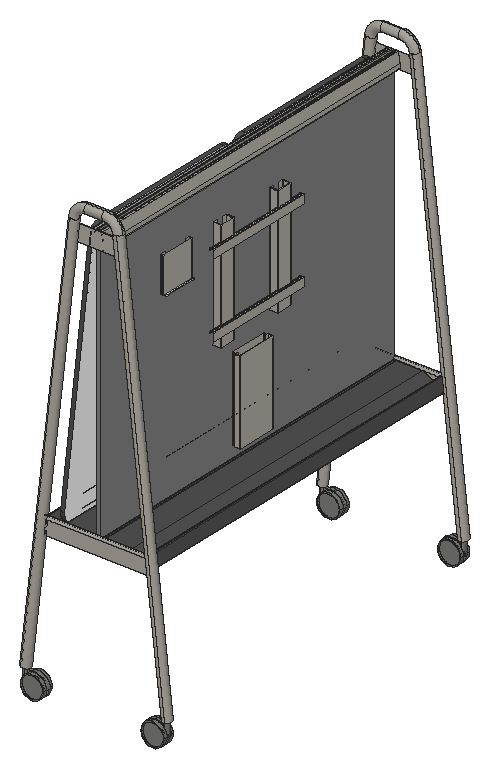
Revit family "Work_Tools_&_Leg_Screens-Teknion-CQCTB_Routes_Tech_Board-R2022", category Furniture, Revit 2022 (continued)
Lines and regions (in)
  symbolic lines, style "FurnitureHiddenLines", detail levels fine
    curve 19: line (-8.55724, -31.92711, 0) -> (-12.48099, -31.92711, 0)
    curve 20: line (-8.55724, -31.36211, 0) -> (-8.55724, -31.92711, 0)
    curve 21: line (-12.48099, -31.92711, 0) -> (-12.48099, -31.52853, 0)
    curve 22: line (-12.48099, -32.97772, 0) -> (-12.48099, -32.57711, 0)
    curve 23: line (-8.55724, -32.57711, 0) -> (-12.48099, -32.57711, 0)
    curve 24: line (-8.55724, -32.57711, 0) -> (-8.55724, -32.99478, 0)
    curve 25: line (-12.60742, -31.96711, 0) -> (-8.44179, -31.96711, 0)
    curve 26: line (-12.60742, -32.53711, 0) -> (-12.60742, -31.96711, 0)
    curve 27: line (-8.44179, -32.53711, 0) -> (-12.60742, -32.53711, 0)
    curve 28: line (-8.44179, -31.96711, 0) -> (-8.44179, -32.53711, 0)
    curve 29: line (8.60079, -31.36211, 0) -> (7.91139, -31.36211, 0)
    curve 30: line (7.91139, -31.92711, 0) -> (11.83514, -31.92711, 0)
    curve 31: line (7.91139, -31.36211, 0) -> (7.91139, -31.92711, 0)
    curve 32: line (11.83514, -31.92711, 0) -> (11.83514, -31.52853, 0)
    curve 33: line (11.83514, -32.97772, 0) -> (11.83514, -32.57711, 0)
    curve 34: line (7.91139, -32.57711, 0) -> (11.83514, -32.57711, 0)
    curve 35: line (7.91139, -32.57711, 0) -> (7.91139, -32.99478, 0)
    curve 36: line (11.96157, -31.96711, 0) -> (7.79594, -31.96711, 0)
    curve 37: line (11.96157, -32.53711, 0) -> (11.96157, -31.96711, 0)
    curve 38: line (7.79594, -32.53711, 0) -> (11.96157, -32.53711, 0)
    curve 39: line (7.79594, -31.96711, 0) -> (7.79594, -32.53711, 0)
    curve 46: line (-9.24664, 29.50349, 0) -> (-8.55724, 29.50349, 0)
    curve 47: line (-8.55724, 30.06849, 0) -> (-12.48099, 30.06849, 0)
    curve 48: line (-8.55724, 29.50349, 0) -> (-8.55724, 30.06849, 0)
    curve 49: line (-12.48099, 30.06849, 0) -> (-12.48099, 29.66992, 0)
    curve 50: line (-12.48099, 31.11911, 0) -> (-12.48099, 30.71849, 0)
    curve 51: line (-8.55724, 30.71849, 0) -> (-12.48099, 30.71849, 0)
    curve 52: line (-8.55724, 30.71849, 0) -> (-8.55724, 31.13617, 0)
    curve 53: line (-12.60742, 30.10849, 0) -> (-8.44179, 30.10849, 0)
    curve 54: line (-12.60742, 30.67849, 0) -> (-12.60742, 30.10849, 0)
    curve 55: line (-8.44179, 30.67849, 0) -> (-12.60742, 30.67849, 0)
    curve 56: line (-8.44179, 30.10849, 0) -> (-8.44179, 30.67849, 0)
    curve 57: line (8.60079, 29.50349, 0) -> (7.91139, 29.50349, 0)
    curve 58: line (7.91139, 30.06849, 0) -> (11.83514, 30.06849, 0)
    curve 59: line (7.91139, 29.50349, 0) -> (7.91139, 30.06849, 0)
    curve 60: line (11.83514, 30.06849, 0) -> (11.83514, 29.66992, 0)
    curve 61: line (11.83514, 31.11911, 0) -> (11.83514, 30.71849, 0)
    curve 62: line (7.91139, 30.71849, 0) -> (11.83514, 30.71849, 0)
    curve 63: line (7.91139, 30.71849, 0) -> (7.91139, 31.13617, 0)
    curve 64: line (11.96157, 30.10849, 0) -> (7.79594, 30.10849, 0)
    curve 65: line (11.96157, 30.67849, 0) -> (11.96157, 30.10849, 0)
    curve 66: line (7.79594, 30.67849, 0) -> (11.96157, 30.67849, 0)
    curve 67: line (7.79594, 30.10849, 0) -> (7.79594, 30.67849, 0)
  symbolic lines, style "FurnitureHiddenLines", detail levels medium+fine
    curve 40: spline (-12.03004, -31.54826, 0) -> (-11.85688, -31.63305, 0) -> (-11.71109, -31.7597, 0) -> (-11.60241, -31.91972, 0) -> (-11.53811, -32.10244, 0) -> (-11.52247, -32.29565, 0) -> (-11.55655, -32.48643, 0) -> (-11.63806, -32.66206, 0) -> (-11.76157, -32.81078, 0) -> (-11.91881, -32.92268, 0) -> (-12.09929, -32.99026, 0) -> (-12.29095, -33.00903, 0) -> (-12.48099, -32.97772, 0)
    curve 41: spline (11.83514, -32.97772, 0) -> (11.6451, -33.00903, 0) -> (11.45344, -32.99026, 0) -> (11.27296, -32.92268, 0) -> (11.11571, -32.81078, 0) -> (10.99221, -32.66206, 0) -> (10.9107, -32.48643, 0) -> (10.87662, -32.29565, 0) -> (10.89226, -32.10244, 0) -> (10.95656, -31.91972, 0) -> (11.06524, -31.7597, 0) -> (11.21103, -31.63305, 0) -> (11.38419, -31.54826, 0)
    curve 42: spline (-3.84049, -31.54826, 0) -> (-4.0314, -31.51084, 0) -> (-4.22543, -31.52445, 0) -> (-4.40935, -31.58814, 0) -> (-4.57062, -31.69757, 0) -> (-4.69826, -31.8453, 0) -> (-4.78357, -32.02125, 0) -> (-4.82074, -32.21343, 0) -> (-4.80723, -32.40875, 0) -> (-4.74396, -32.59389, 0) -> (-4.63524, -32.75624, 0) -> (-4.48849, -32.88473, 0) -> (-4.3137, -32.97061, 0)
    curve 43: spline (-4.3137, -32.97061, 0) -> (-4.12279, -33.00802, 0) -> (-3.92876, -32.99442, 0) -> (-3.74485, -32.93073, 0) -> (-3.58357, -32.82129, 0) -> (-3.45593, -32.67356, 0) -> (-3.37062, -32.49761, 0) -> (-3.33345, -32.30543, 0) -> (-3.34697, -32.11011, 0) -> (-3.41024, -31.92497, 0) -> (-3.51895, -31.76263, 0) -> (-3.6657, -31.63413, 0) -> (-3.84049, -31.54826, 0)
    curve 44: spline (3.19464, -31.54826, 0) -> (3.01985, -31.63413, 0) -> (2.8731, -31.76263, 0) -> (2.76438, -31.92497, 0) -> (2.70111, -32.11011, 0) -> (2.6876, -32.30543, 0) -> (2.72477, -32.49761, 0) -> (2.81008, -32.67356, 0) -> (2.93772, -32.82129, 0) -> (3.099, -32.93073, 0) -> (3.28291, -32.99442, 0) -> (3.47694, -33.00802, 0) -> (3.66785, -32.97061, 0)
    curve 45: spline (3.66785, -32.97061, 0) -> (3.84264, -32.88473, 0) -> (3.98939, -32.75624, 0) -> (4.0981, -32.59389, 0) -> (4.16137, -32.40875, 0) -> (4.17489, -32.21343, 0) -> (4.13772, -32.02125, 0) -> (4.05241, -31.8453, 0) -> (3.92477, -31.69757, 0) -> (3.76349, -31.58814, 0) -> (3.57958, -31.52445, 0) -> (3.38555, -31.51084, 0) -> (3.19464, -31.54826, 0)
    curve 68: spline (-12.03004, 29.68964, 0) -> (-11.85688, 29.77444, 0) -> (-11.71109, 29.90108, 0) -> (-11.60241, 30.06111, 0) -> (-11.53811, 30.24383, 0) -> (-11.52247, 30.43703, 0) -> (-11.55655, 30.62782, 0) -> (-11.63806, 30.80344, 0) -> (-11.76157, 30.95217, 0) -> (-11.91881, 31.06406, 0) -> (-12.09929, 31.13165, 0) -> (-12.29095, 31.15042, 0) -> (-12.48099, 31.11911, 0)
    curve 69: spline (11.83514, 31.11911, 0) -> (11.6451, 31.15042, 0) -> (11.45344, 31.13165, 0) -> (11.27296, 31.06406, 0) -> (11.11571, 30.95217, 0) -> (10.99221, 30.80344, 0) -> (10.9107, 30.62782, 0) -> (10.87662, 30.43703, 0) -> (10.89226, 30.24383, 0) -> (10.95656, 30.06111, 0) -> (11.06524, 29.90108, 0) -> (11.21103, 29.77444, 0) -> (11.38419, 29.68964, 0)
    curve 70: spline (-3.84049, 29.68964, 0) -> (-4.0314, 29.65223, 0) -> (-4.22543, 29.66583, 0) -> (-4.40935, 29.72952, 0) -> (-4.57062, 29.83896, 0) -> (-4.69826, 29.98669, 0) -> (-4.78357, 30.16264, 0) -> (-4.82074, 30.35482, 0) -> (-4.80723, 30.55014, 0) -> (-4.74396, 30.73528, 0) -> (-4.63524, 30.89762, 0) -> (-4.48849, 31.02612, 0) -> (-4.3137, 31.11199, 0)
    curve 71: spline (-4.3137, 31.11199, 0) -> (-4.12279, 31.14941, 0) -> (-3.92876, 31.1358, 0) -> (-3.74485, 31.07211, 0) -> (-3.58357, 30.96268, 0) -> (-3.45593, 30.81495, 0) -> (-3.37062, 30.639, 0) -> (-3.33345, 30.44682, 0) -> (-3.34697, 30.2515, 0) -> (-3.41024, 30.06636, 0) -> (-3.51895, 29.90401, 0) -> (-3.6657, 29.77552, 0) -> (-3.84049, 29.68964, 0)
    curve 72: spline (3.19464, 29.68964, 0) -> (3.01985, 29.77552, 0) -> (2.8731, 29.90401, 0) -> (2.76438, 30.06636, 0) -> (2.70111, 30.2515, 0) -> (2.6876, 30.44682, 0) -> (2.72477, 30.639, 0) -> (2.81008, 30.81495, 0) -> (2.93772, 30.96268, 0) -> (3.099, 31.07211, 0) -> (3.28291, 31.1358, 0) -> (3.47694, 31.14941, 0) -> (3.66785, 31.11199, 0)
    curve 73: spline (3.66785, 31.11199, 0) -> (3.84264, 31.02612, 0) -> (3.98939, 30.89762, 0) -> (4.0981, 30.73528, 0) -> (4.16137, 30.55014, 0) -> (4.17489, 30.35482, 0) -> (4.13772, 30.16264, 0) -> (4.05241, 29.98669, 0) -> (3.92477, 29.83896, 0) -> (3.76349, 29.72952, 0) -> (3.57958, 29.66583, 0) -> (3.38555, 29.65223, 0) -> (3.19464, 29.68964, 0)
    curve 74: line (-9.31799, 30.64349, 0) -> (8.68201, 30.64349, 0)
    curve 75: line (-9.31799, 29.89349, 0) -> (-9.31799, 30.64349, 0)
    curve 76: line (8.68201, 29.89349, 0) -> (-9.31799, 29.89349, 0)
    curve 77: line (8.68201, 30.64349, 0) -> (8.68201, 29.89349, 0)
    curve 78: line (-9.32562, -31.75211, 0) -> (8.67438, -31.75211, 0)
    curve 79: line (-9.32562, -32.50211, 0) -> (-9.32562, -31.75211, 0)
    curve 80: line (8.67438, -32.50211, 0) -> (-9.32562, -32.50211, 0)
    curve 81: line (8.67438, -31.75211, 0) -> (8.67438, -32.50211, 0)
Dimensions and locks (in)
  plane 4 "Left" to plane 5 "Right" = 25.31626"
  plane 6 "Back" to plane 7 "Front" = 64.4256"
  plane 8 "Top" to level = 77.87003"
  equal spacing: plane 7 "Front", plane 1 "Center Front/Back", plane 6 "Back"
  equal spacing: plane 4 "Left", plane 3 "Center Left/Right", plane 5 "Right"
  aligned and locked: level to plane 2
Automatic sketch dimensions
  curve 90 to curve 91 = 0.000"  (x2)
  curve 96 to curve 97 = 0.000"  (x2)
  curve 98 to curve 99 = 0.000"  (x2)
  curve 102 to curve 103 = 0.000"  (x2)
  curve 109 to curve 110 = 0.000"  (x2)
  curve 115 to curve 116 = 0.000"  (x2)
  curve 117 to curve 118 = 0.000"  (x2)
  curve 121 to curve 122 = 0.000"  (x2)
  curve 127 to curve 153 = 0.000"  (x2)
  curve 129 to curve 151 = 0.000"  (x2)
  curve 131 to curve 149 = 0.000"  (x2)
  curve 133 to curve 147 = 0.000"  (x2)
  curve 138 to curve 144 = 0.000"  (x2)
  curve 140 to curve 142 = 0.000"  (x2)
  curve 160 to curve 172 = 0.000"  (x2)
  curve 162 to curve 170 = 0.000"  (x2)
  curve 164 to curve 168 = 0.000"  (x2)
  curve 174 to curve 178 = 0.000"  (x2)
  plane 4 "Left" to curve 53 = 0.37363"
  plane 4 "Left" to curve 26 = 0.37363"
  curve 26 to curve 22 = 0.12643"
  curve 50 to plane 6 "Back" = 0.16438"
  curve 54 to curve 50 = 0.12643"
  curve 25 to curve 21 = 0.12643"
  curve 53 to curve 49 = 0.12643"
  curve 79 to plane 7 "Front" = 1.390"
  curve 19 to curve 79 = 3.15537"
  curve 75 to plane 6 "Back" = 1.390"
  curve 47 to curve 75 = 3.163"
  curve 78 to curve 20 = 0.76838"
  curve 75 to curve 46 = 0.76075"
  curve 23 to curve 19 = 0.000"
  curve 51 to curve 47 = 0.000"
  curve 23 to curve 27 = 0.11545"
  curve 51 to curve 55 = 0.11545"
  curve 5 to plane 6 "Back" = 0.87938"
  curve 5 to plane 3 "Center Left/Right" = 3.76284"
  curve 16 to plane 7 "Front" = 0.87938"
  curve 16 to plane 3 "Center Left/Right" = 3.76284"
  curve 13 to plane 3 "Center Left/Right" = 1.99282"
  curve 82 to plane 3 "Center Left/Right" = 1.99282"
  plane 3 "Center Left/Right" to curve 89 = 0.35838"
  plane 3 "Center Left/Right" to curve 108 = 0.35838"
  plane 3 "Center Left/Right" to curve 176 = 0.39838"
  plane 3 "Center Left/Right" to curve 167 = 0.39838"
  plane 3 "Center Left/Right" to curve 143 = 0.42248"
  plane 3 "Center Left/Right" to curve 101 = 0.43338"
  plane 3 "Center Left/Right" to curve 120 = 0.43338"
  curve 89 to curve 88 = 0.075"
  curve 106 to curve 106 = 0.075"
  curve 168 to curve 165 = 0.036"
  curve 144 to curve 139 = 0.0359"
  curve 88 to curve 85 = 0.030"
  curve 118 to curve 118 = 0.030"
  curve 99 to curve 94 = 0.030"
  curve 110 to curve 110 = 0.030"
  curve 164 to curve 163 = 0.031"
  curve 178 to curve 173 = 0.031"
  curve 138 to curve 144 = 0.031"
  curve 140 to curve 142 = 0.031"
  curve 178 to curve 160 = 0.366"
  curve 164 to curve 170 = 0.366"
  curve 160 to curve 161 = 0.031"
  curve 140 to curve 124 = 0.5581"
  curve 144 to curve 146 = 0.5581"
  curve 141 to curve 123 = 0.000"
  curve 136 to curve 145 = 0.000"
  curve 124 to curve 126 = 0.036"
  curve 133 to curve 147 = 0.031"
  curve 127 to curve 152 = 0.031"
  curve 172 to curve 180 = 0.250"
  curve 170 to curve 182 = 0.250"
  curve 182 to curve 181 = 0.250"
  plane 3 "Center Left/Right" to curve 157 = 1.6549"
  curve 110 to curve 122 = 1.290"
  curve 98 to curve 97 = 1.290"
  curve 117 to curve 114 = 1.290"
  curve 91 to curve 102 = 1.290"
  curve 102 to curve 92 = 0.030"
  curve 121 to curve 111 = 0.030"
  curve 147 to curve 148 = 0.741"
  curve 127 to curve 151 = 0.7439"
  curve 131 to curve 130 = 0.031"
  curve 155 to curve 158 = 0.70348"
  curve 17 to plane 7 "Front" = 0.87938"
  plane 3 "Center Left/Right" to curve 17 = 3.76284"
  curve 6 to plane 6 "Back" = 0.87938"
  plane 3 "Center Left/Right" to curve 6 = 3.76284"
  curve 67 to plane 6 "Back" = 0.605"
  curve 6 to curve 67 = 4.35602"
  curve 39 to plane 7 "Front" = 1.175"
  curve 17 to curve 39 = 4.35602"
  curve 64 to curve 59 = 0.11545"
  curve 66 to curve 62 = 0.11545"
  curve 38 to curve 35 = 0.11545"
  curve 36 to curve 31 = 0.11545"
  curve 34 to curve 81 = 0.763"
  curve 62 to curve 74 = 0.77063"
  curve 33 to plane 7 "Front" = 0.16438"
  plane 5 "Right" to curve 33 = 0.50006"
  plane 5 "Right" to curve 32 = 0.50006"
  plane 5 "Right" to curve 62 = 0.50006"
  plane 5 "Right" to curve 58 = 0.50006"
  curve 61 to curve 65 = 0.12643"
  curve 30 to curve 36 = 0.12643"
  curve 22 to plane 7 "Front" = 0.16438"
  curve 23 to plane 7 "Front" = 0.565"
  curve 35 to plane 7 "Front" = 0.565"
  curve 22 to curve 27 = 0.040"
  curve 33 to curve 38 = 0.040"
  curve 80 to plane 7 "Front" = 0.640"
  curve 26 to curve 26 = 0.570"
  curve 25 to curve 20 = 0.040"
  curve 36 to curve 31 = 0.040"
  curve 30 to curve 31 = 0.565"
  curve 19 to curve 20 = 0.565"
  curve 16 to curve 82 = 3.05615"
  curve 82 to curve 169 = 9.98467"
  curve 170 to curve 183 = 0.033"
  curve 164 to curve 165 = 0.683"
  curve 165 to curve 177 = 4.500"
  curve 176 to curve 180 = 0.400"
  curve 179 to curve 174 = 0.033"
  curve 180 to curve 157 = 2.975"
  curve 156 to curve 114 = 2.125"
  curve 118 to curve 119 = 0.645"
  curve 119 to curve 106 = 1.400"
  curve 106 to curve 109 = 0.495"
  curve 121 to curve 148 = 1.125"
  curve 146 to curve 146 = 0.1205"
  curve 136 to curve 136 = 0.2766"
  curve 143 to curve 82 = 0.38593"
  curve 13 to plane 1 "Center Front/Back" = 1.77795"
  curve 124 to plane 1 "Center Front/Back" = 3.0824"
  curve 124 to curve 140 = 0.2456"
  curve 141 to curve 154 = 0.1205"
  curve 152 to curve 95 = 1.125"
  curve 99 to curve 101 = 0.495"
  curve 100 to curve 87 = 1.400"
  curve 87 to curve 93 = 0.645"
  curve 102 to curve 158 = 2.125"
  curve 13 to curve 5 = 4.05547"
  curve 59 to curve 76 = 0.390"
  curve 48 to curve 75 = 0.390"
  curve 47 to curve 68 = 1.05062"
  curve 60 to curve 65 = 0.610"
  curve 58 to curve 64 = 0.040"
  curve 47 to curve 56 = 0.040"
  curve 77 to plane 6 "Back" = 0.640"
  curve 53 to curve 56 = 0.570"
  curve 66 to curve 62 = 0.040"
  curve 55 to curve 52 = 0.040"
  curve 61 to plane 6 "Back" = 0.16438"
  curve 22 to curve 40 = 0.21434"
  curve 49 to curve 68 = 0.21434"
  curve 68 to curve 68 = 0.23661"
  curve 40 to curve 40 = 0.23661"
  curve 75 to curve 46 = 0.07135"
  curve 78 to curve 18 = 0.07898"
  curve 7 to curve 5 = 1.67871"
  curve 42 to curve 16 = 0.22793"
  curve 70 to curve 5 = 0.22793"
  curve 16 to curve 42 = 0.00867"
  curve 5 to curve 70 = 0.00867"
  curve 43 to curve 42 = 0.000"  (x2)
  curve 71 to curve 70 = 0.000"  (x2)
  curve 70 to curve 71 = 0.23661"
  curve 42 to curve 42 = 0.23661"
  plane 1 "Center Front/Back" to curve 15 = 0.22205"
  curve 15 to curve 15 = 0.21396"
  curve 83 to curve 82 = 0.21396"
  curve 14 to curve 13 = 0.21396"
  curve 42 to curve 84 = 1.31078"
  curve 84 to curve 10 = 1.0611"
  curve 11 to plane 3 "Center Left/Right" = 0.29642"
  plane 3 "Center Left/Right" to curve 12 = 0.30004"
  curve 120 to curve 119 = 0.075"
  curve 101 to curve 100 = 0.075"
  curve 12 to curve 9 = 0.84788"
  curve 72 to curve 6 = 0.24528"
  curve 45 to curve 17 = 0.24528"
  curve 45 to curve 17 = 0.00867"
  curve 72 to curve 6 = 0.00867"
  curve 73 to curve 72 = 0.000"
  curve 44 to curve 45 = 0.000"  (x2)
  curve 6 to curve 72 = 0.22793"
  curve 17 to curve 44 = 0.22793"
  curve 17 to curve 8 = 1.68096"
  curve 29 to curve 78 = 0.0736"
  curve 57 to curve 76 = 0.08123"
  curve 69 to curve 60 = 0.45095"
  curve 41 to curve 32 = 0.45095"
  curve 69 to plane 6 "Back" = 0.13268"
  curve 69 to curve 69 = 0.21434"
  curve 41 to curve 33 = 0.21434"
  curve 24 to plane 7 "Front" = 0.14732"
  curve 35 to plane 7 "Front" = 0.14732"
  curve 45 to plane 7 "Front" = 0.13268"
  curve 41 to plane 7 "Front" = 0.13268"
  curve 16 to plane 7 "Front" = 0.12938"
  curve 17 to curve 44 = 0.00329"  (x2)
  curve 45 to plane 7 "Front" = 0.1715"
  curve 42 to plane 7 "Front" = 0.1715"
  curve 16 to curve 42 = 0.00329"  (x2)
  curve 22 to curve 40 = 0.31768"
  curve 33 to curve 41 = 0.31768"
  curve 19 to curve 40 = 0.37885"
  curve 21 to curve 40 = 0.0191"
  curve 30 to curve 32 = 0.39857"
  curve 8 to plane 7 "Front" = 1.64491"
  curve 10 to plane 7 "Front" = 1.64783"
  curve 10 to curve 11 = 0.000"
  curve 11 to curve 9 = 0.000"
  curve 11 to curve 12 = 0.000"  (x2)
  curve 7 to plane 7 "Front" = 1.65013"
  curve 10 to curve 84 = 0.28769"
  curve 83 to curve 83 = 2.000"
  curve 14 to curve 14 = 2.000"
  curve 9 to plane 6 "Back" = 1.64565"
  curve 8 to plane 6 "Back" = 1.64565"
  curve 10 to plane 6 "Back" = 1.64565"
  curve 12 to curve 9 = 0.000"
  curve 7 to plane 6 "Back" = 1.64565"
  curve 70 to curve 5 = 0.75329"
  curve 68 to curve 47 = 0.41768"
  curve 6 to curve 6 = 0.750"
  curve 71 to curve 5 = 0.00329"
  curve 60 to curve 58 = 0.39857"
  curve 68 to curve 49 = 0.0191"
  curve 6 to curve 73 = 0.03553"
  curve 70 to curve 70 = 0.03882"
  curve 68 to curve 68 = 0.03882"
  curve 60 to curve 69 = 0.01972"
  curve 73 to curve 6 = 0.00329"  (x2)
  curve 70 to curve 5 = 0.00329"
  curve 63 to plane 6 "Back" = 0.14732"
  curve 52 to plane 6 "Back" = 0.14732"
  curve 72 to curve 73 = 0.000"
  Sweep 1 sketch curve to profile plane = 0.21556"
  profile plane to Sweep 1 sketch curve = 0.72648"
  Sweep 2 sketch curve to plane 3 "Center Left/Right" = 1.49859"
  plane 3 "Center Left/Right" to Sweep 2 sketch curve = 1.49859"
  Sweep 2 sketch curve to plane 8 "Top" = 3.02155"
  Sweep 2 sketch curve to Sweep 2 sketch curve = 0.000"
  Sweep 2 sketch curve to plane 8 "Top" = 0.78205"
  Sweep 2 sketch curve to Sweep 2 sketch curve = 2.22204"  (x2)
  Sweep 2 sketch curve to profile plane = 0.03405"
  profile plane to Sweep 2 sketch curve = 31.31253"
  Sweep 3 sketch curve to profile plane = 0.21556"
  Sweep 3 sketch curve to profile plane = 0.72648"
  Sweep 4 sketch curve to plane 7 "Front" = 0.8153"
  Sweep 4 sketch curve to plane 7 "Front" = 0.890"
  Sweep 4 sketch curve to plane 8 "Top" = 4.71972"
  profile plane to Sweep 4 sketch curve = 1.53017"
  Sweep 4 sketch curve to profile plane = 1.21983"
  Sweep 4 sketch curve to profile plane = 3.37907"
  Sweep 4 sketch curve to Sweep 4 sketch curve = 0.3177"  (x2)
  profile plane to Sweep 4 sketch curve = 3.06362"
  Sweep 5 sketch curve to plane 7 "Front" = 1.215"
  plane 4 "Left" to Sweep 5 sketch curve = 2.46585"
  Sweep 5 sketch curve to Sweep 5 sketch curve = 0.565"
  Sweep 5 sketch curve to profile plane = 0.00391"
  profile plane to Sweep 5 sketch curve = 1.14732"
  Sweep 6 sketch curve to plane 7 "Front" = 0.605"
  Sweep 6 sketch curve to plane 7 "Front" = 1.175"
  plane 4 "Left" to Sweep 6 sketch curve = 2.83301"
  Sweep 6 sketch curve to Sweep 6 sketch curve = 0.000"  (x2)
  profile plane to Sweep 6 sketch curve = 0.31879"
  profile plane to Sweep 6 sketch curve = 1.70625"
  Sweep 6 sketch curve to Sweep 6 sketch curve = 0.11544"
  Sweep 6 sketch curve to profile plane = 0.37106"
  Sweep 6 sketch curve to Sweep 6 sketch curve = 0.0055"
  Sweep 6 sketch curve to profile plane = 0.86576"
  Sweep 6 sketch curve to Sweep 6 sketch curve = 0.93965"
  Sweep 6 sketch curve to Sweep 6 sketch curve = 0.12643"
  plane 4 "Left" to Sweep 7 sketch curve = 0.77782"
  level to Sweep 7 sketch curve = 1.9534"
  Sweep 7 sketch curve to Sweep 7 sketch curve = 2.32162"
  Sweep 7 sketch curve to profile plane = 0.00179"
  Sweep 7 sketch curve to profile plane = 10.50525"
  plane 7 "Front" to Sweep 8 sketch curve = 0.000"
  plane 4 "Left" to Sweep 8 sketch curve = 2.45803"
  Sweep 8 sketch curve to plane 7 "Front" = 0.565"
  Sweep 8 sketch curve to profile plane = 0.00391"
  profile plane to Sweep 8 sketch curve = 1.14732"
  plane 7 "Front" to Sweep 9 sketch curve = 0.000"
  plane 4 "Left" to Sweep 9 sketch curve = 2.48906"
  Sweep 9 sketch curve to plane 7 "Front" = 0.175"
  profile plane to Sweep 9 sketch curve = 0.03901"
  profile plane to Sweep 9 sketch curve = 1.14732"
  Sweep 10 sketch curve to plane 7 "Front" = 1.605"
  plane 4 "Left" to Sweep 10 sketch curve = 2.48906"
  Sweep 10 sketch curve to Sweep 10 sketch curve = 0.175"
  Sweep 10 sketch curve to profile plane = 0.03901"
  profile plane to Sweep 10 sketch curve = 1.14732"
  Sweep 11 sketch curve to plane 7 "Front" = 1.215"
  plane 5 "Right" to Sweep 11 sketch curve = 2.46585"
  Sweep 11 sketch curve to Sweep 11 sketch curve = 0.565"
  profile plane to Sweep 11 sketch curve = 0.00391"
  profile plane to Sweep 11 sketch curve = 1.14732"
  plane 5 "Right" to Sweep 12 sketch curve = 0.77782"
  level to Sweep 12 sketch curve = 4.27503"
  level to Sweep 12 sketch curve = 1.9534"
  profile plane to Sweep 12 sketch curve = 0.00179"
  Sweep 12 sketch curve to profile plane = 10.50525"
  plane 7 "Front" to Sweep 13 sketch curve = 0.000"
  plane 5 "Right" to Sweep 13 sketch curve = 2.45803"
  Sweep 13 sketch curve to plane 7 "Front" = 0.565"
  profile plane to Sweep 13 sketch curve = 0.00391"
  profile plane to Sweep 13 sketch curve = 1.14732"
  plane 7 "Front" to Sweep 14 sketch curve = 0.000"
  plane 5 "Right" to Sweep 14 sketch curve = 2.48906"
  Sweep 14 sketch curve to plane 7 "Front" = 0.175"
  Sweep 14 sketch curve to profile plane = 0.03901"
  profile plane to Sweep 14 sketch curve = 1.14732"
  Sweep 15 sketch curve to plane 7 "Front" = 1.605"
  plane 5 "Right" to Sweep 15 sketch curve = 2.48906"
  Sweep 15 sketch curve to Sweep 15 sketch curve = 0.175"
  profile plane to Sweep 15 sketch curve = 0.03901"
  profile plane to Sweep 15 sketch curve = 1.14732"
  Sweep 16 sketch curve to profile plane = 0.21556"
  profile plane to Sweep 16 sketch curve = 0.72648"
  Sweep 17 sketch curve to plane 3 "Center Left/Right" = 1.49859"
  plane 3 "Center Left/Right" to Sweep 17 sketch curve = 1.49859"
  Sweep 17 sketch curve to plane 8 "Top" = 3.02155"
  Sweep 17 sketch curve to Sweep 17 sketch curve = 0.000"
  Sweep 17 sketch curve to plane 8 "Top" = 0.78205"
  Sweep 17 sketch curve to Sweep 17 sketch curve = 2.22204"  (x2)
  Sweep 17 sketch curve to profile plane = 0.03405"
  profile plane to Sweep 17 sketch curve = 31.31253"
  Sweep 18 sketch curve to profile plane = 0.21556"
  Sweep 18 sketch curve to profile plane = 0.72648"
  Sweep 19 sketch curve to plane 6 "Back" = 0.9647"
  Sweep 19 sketch curve to plane 6 "Back" = 0.890"
  Sweep 19 sketch curve to plane 8 "Top" = 4.71972"
  profile plane to Sweep 19 sketch curve = 1.53017"
  Sweep 19 sketch curve to profile plane = 1.21983"
  Sweep 19 sketch curve to profile plane = 3.37907"
  Sweep 19 sketch curve to Sweep 19 sketch curve = 0.3177"  (x2)
  profile plane to Sweep 19 sketch curve = 3.06362"
  Sweep 20 sketch curve to plane 7 "Front" = 0.605"
  Sweep 20 sketch curve to plane 7 "Front" = 1.175"
  plane 5 "Right" to Sweep 20 sketch curve = 2.83301"
  Sweep 20 sketch curve to Sweep 20 sketch curve = 0.000"  (x2)
  profile plane to Sweep 20 sketch curve = 0.31879"
  profile plane to Sweep 20 sketch curve = 2.45938"
  Sweep 20 sketch curve to Sweep 20 sketch curve = 0.12643"
  Sweep 20 sketch curve to Sweep 20 sketch curve = 0.52753"
  profile plane to Sweep 20 sketch curve = 0.86576"
  profile plane to Sweep 20 sketch curve = 0.37656"
  Sweep 20 sketch curve to Sweep 20 sketch curve = 0.0055"
  Sweep 20 sketch curve to Sweep 20 sketch curve = 0.11544"
  Sweep 21 sketch curve to plane 6 "Back" = 0.000"
  plane 4 "Left" to Sweep 21 sketch curve = 2.46585"
  Sweep 21 sketch curve to plane 6 "Back" = 0.565"
  Sweep 21 sketch curve to profile plane = 0.00391"
  profile plane to Sweep 21 sketch curve = 1.14732"
  Sweep 22 sketch curve to plane 6 "Back" = 1.175"
  Sweep 22 sketch curve to plane 6 "Back" = 0.605"
  plane 4 "Left" to Sweep 22 sketch curve = 2.83301"
  Sweep 22 sketch curve to Sweep 22 sketch curve = 0.000"  (x2)
  profile plane to Sweep 22 sketch curve = 0.31879"
  profile plane to Sweep 22 sketch curve = 1.70625"
  Sweep 22 sketch curve to Sweep 22 sketch curve = 0.11544"
  Sweep 22 sketch curve to profile plane = 0.37106"
  Sweep 22 sketch curve to Sweep 22 sketch curve = 0.0055"
  Sweep 22 sketch curve to profile plane = 0.86576"
  Sweep 22 sketch curve to Sweep 22 sketch curve = 0.93965"
  Sweep 22 sketch curve to Sweep 22 sketch curve = 0.12643"
  plane 4 "Left" to Sweep 23 sketch curve = 0.77782"
  level to Sweep 23 sketch curve = 1.9534"
  Sweep 23 sketch curve to Sweep 23 sketch curve = 2.32162"
  Sweep 23 sketch curve to profile plane = 0.00179"
  Sweep 23 sketch curve to profile plane = 10.50525"
  Sweep 24 sketch curve to plane 6 "Back" = 1.215"
  plane 4 "Left" to Sweep 24 sketch curve = 2.45803"
  Sweep 24 sketch curve to Sweep 24 sketch curve = 0.565"
  Sweep 24 sketch curve to profile plane = 0.00391"
  profile plane to Sweep 24 sketch curve = 1.14732"
  Sweep 25 sketch curve to plane 6 "Back" = 1.605"
  plane 4 "Left" to Sweep 25 sketch curve = 2.48906"
  Sweep 25 sketch curve to Sweep 25 sketch curve = 0.175"
  profile plane to Sweep 25 sketch curve = 0.03901"
  profile plane to Sweep 25 sketch curve = 1.14732"
  Sweep 26 sketch curve to plane 6 "Back" = 0.000"
  plane 4 "Left" to Sweep 26 sketch curve = 2.48906"
  Sweep 26 sketch curve to Sweep 26 sketch curve = 0.175"
  Sweep 26 sketch curve to profile plane = 0.03901"
  profile plane to Sweep 26 sketch curve = 1.14732"
  Sweep 27 sketch curve to plane 6 "Back" = 0.000"
  plane 5 "Right" to Sweep 27 sketch curve = 2.46585"
  Sweep 27 sketch curve to plane 6 "Back" = 0.565"
  profile plane to Sweep 27 sketch curve = 0.00391"
  profile plane to Sweep 27 sketch curve = 1.14732"
  plane 5 "Right" to Sweep 28 sketch curve = 0.77782"
  level to Sweep 28 sketch curve = 4.27503"
  level to Sweep 28 sketch curve = 1.9534"
  profile plane to Sweep 28 sketch curve = 0.00179"
  Sweep 28 sketch curve to profile plane = 10.50525"
  Sweep 29 sketch curve to plane 6 "Back" = 1.215"
  plane 5 "Right" to Sweep 29 sketch curve = 2.45803"
  Sweep 29 sketch curve to Sweep 29 sketch curve = 0.565"
  profile plane to Sweep 29 sketch curve = 0.00391"
  profile plane to Sweep 29 sketch curve = 1.14732"
  Sweep 30 sketch curve to plane 6 "Back" = 1.605"
  plane 5 "Right" to Sweep 30 sketch curve = 2.48906"
  Sweep 30 sketch curve to Sweep 30 sketch curve = 0.175"
  Sweep 30 sketch curve to profile plane = 0.03901"
  profile plane to Sweep 30 sketch curve = 1.14732"
  Sweep 31 sketch curve to plane 6 "Back" = 0.000"
  plane 5 "Right" to Sweep 31 sketch curve = 2.48906"
  Sweep 31 sketch curve to Sweep 31 sketch curve = 0.175"
  profile plane to Sweep 31 sketch curve = 0.03901"
  profile plane to Sweep 31 sketch curve = 1.14732"
  Sweep 32 sketch curve to plane 6 "Back" = 1.175"
  Sweep 32 sketch curve to plane 6 "Back" = 0.605"
  plane 5 "Right" to Sweep 32 sketch curve = 2.83301"
  Sweep 32 sketch curve to Sweep 32 sketch curve = 0.000"  (x2)
  profile plane to Sweep 32 sketch curve = 0.31879"
  profile plane to Sweep 32 sketch curve = 2.45938"
  Sweep 32 sketch curve to Sweep 32 sketch curve = 0.12643"
  Sweep 32 sketch curve to Sweep 32 sketch curve = 0.52753"
  profile plane to Sweep 32 sketch curve = 0.86576"
  profile plane to Sweep 32 sketch curve = 0.37656"
  Sweep 32 sketch curve to Sweep 32 sketch curve = 0.0055"
  Sweep 32 sketch curve to Sweep 32 sketch curve = 0.11544"
  Sweep 33 sketch curve to plane 3 "Center Left/Right" = 0.000"
  Sweep 33 sketch curve to plane 7 "Front" = 1.390"
  Sweep 33 sketch curve to plane 6 "Back" = 1.390"
  Sweep 33 sketch curve to Sweep 33 sketch curve = 0.000"  (x13)
  profile plane to Sweep 33 sketch curve = 8.92367"
  Sweep 33 sketch curve to Sweep 33 sketch curve = 0.04952"  (x4)
  Sweep 33 sketch curve to Sweep 33 sketch curve = 0.04315"
  Sweep 33 sketch curve to Sweep 33 sketch curve = 0.05148"  (x2)
  Sweep 33 sketch curve to Sweep 33 sketch curve = 0.13784"
  Sweep 33 sketch curve to Sweep 33 sketch curve = 0.04756"  (x2)
  Sweep 33 sketch curve to Sweep 33 sketch curve = 0.0995"  (x2)
  Sweep 33 sketch curve to Sweep 33 sketch curve = 0.0932"  (x2)
  Sweep 33 sketch curve to Sweep 33 sketch curve = 0.04455"  (x4)
  Sweep 33 sketch curve to Sweep 33 sketch curve = 0.76785"  (x2)
  Sweep 33 sketch curve to Sweep 33 sketch curve = 0.3756"  (x2)
  Sweep 33 sketch curve to Sweep 33 sketch curve = 0.19478"  (x2)
  Sweep 33 sketch curve to Sweep 33 sketch curve = 0.0231"  (x2)
  Sweep 33 sketch curve to Sweep 33 sketch curve = 1.94287"
  Sweep 33 sketch curve to Sweep 33 sketch curve = 0.01232"  (x2)
  profile plane to Sweep 33 sketch curve = 0.92388"
  Sweep 33 sketch curve to Sweep 33 sketch curve = 0.3953"  (x2)
  Sweep 33 sketch curve to Sweep 33 sketch curve = 0.030"  (x4)
  Sweep 33 sketch curve to Sweep 33 sketch curve = 0.1047"
  Sweep 33 sketch curve to profile plane = 0.39612"
  Sweep 33 sketch curve to Sweep 33 sketch curve = 4.51768"
  Sweep 33 sketch curve to Sweep 33 sketch curve = 1.93209"
  Sweep 33 sketch curve to Sweep 33 sketch curve = 0.44124"
  Sweep 33 sketch curve to Sweep 33 sketch curve = 0.04511"
  level to Sweep 33 sketch curve = 25.65691"
  Sweep 33 sketch curve to Sweep 33 sketch curve = 0.00499"  (x2)
  Sweep 33 sketch curve to Sweep 33 sketch curve = 0.44797"  (x2)
  Sweep 33 sketch curve to Sweep 33 sketch curve = 0.50667"  (x2)
  Sweep 33 sketch curve to Sweep 33 sketch curve = 0.03979"
  Sweep 33 sketch curve to Sweep 33 sketch curve = 0.04185"  (x2)
  Sweep 33 sketch curve to Sweep 33 sketch curve = 0.18942"  (x2)
  Sweep 33 sketch curve to Sweep 33 sketch curve = 0.8175"  (x2)
  Sweep 33 sketch curve to Sweep 33 sketch curve = 0.0747"
  Sweep 33 sketch curve to Sweep 33 sketch curve = 1.06669"
  Sweep 33 sketch curve to Sweep 33 sketch curve = 0.0478"  (x2)
  Sweep 33 sketch curve to Sweep 33 sketch curve = 0.01002"  (x2)
  Sweep 33 sketch curve to Sweep 33 sketch curve = 0.00479"  (x2)
  Sweep 34 sketch curve to plane 6 "Back" = 0.7147"
  plane 4 "Left" to Sweep 34 sketch curve = 3.66307"
  plane 5 "Right" to Sweep 34 sketch curve = 3.65319"
  Sweep 34 sketch curve to Sweep 34 sketch curve = 0.000"  (x3)
  Sweep 34 sketch curve to profile plane = 0.000"
  profile plane to Sweep 34 sketch curve = 0.3003"
  Sweep 34 sketch curve to Sweep 34 sketch curve = 0.0747"
  level to Sweep 34 sketch curve = 25.35509"
  Sweep 34 sketch curve to Sweep 34 sketch curve = 2.375"
  Sweep 35 sketch curve to plane 7 "Front" = 1.3153"
  plane 4 "Left" to Sweep 35 sketch curve = 3.65544"
  plane 5 "Right" to Sweep 35 sketch curve = 3.66082"
  Sweep 35 sketch curve to Sweep 35 sketch curve = 0.000"  (x3)
  Sweep 35 sketch curve to profile plane = 0.000"
  profile plane to Sweep 35 sketch curve = 0.3003"
  Sweep 35 sketch curve to Sweep 35 sketch curve = 0.0747"
  level to Sweep 35 sketch curve = 25.35509"
  Sweep 35 sketch curve to Sweep 35 sketch curve = 2.375"
  plane 1 "Center Front/Back" to Sweep 36 sketch curve = 0.000"
  Sweep 36 sketch curve to plane 3 "Center Left/Right" = 0.35762"
  plane 3 "Center Left/Right" to Sweep 36 sketch curve = 0.35762"
  profile plane to Sweep 36 sketch curve = 30.94227"
  Sweep 36 sketch curve to profile plane = 30.77747"
  level to Sweep 36 sketch curve = 26.76541"
  Sweep 36 sketch curve to Sweep 36 sketch curve = 47.46704"
  Sweep 37 sketch curve to plane 3 "Center Left/Right" = 0.000"
  Sweep 37 sketch curve to plane 7 "Front" = 0.890"
  Sweep 37 sketch curve to plane 6 "Back" = 0.9647"
  Sweep 37 sketch curve to Sweep 37 sketch curve = 0.000"  (x16)
  profile plane to Sweep 37 sketch curve = 1.14568"
  Sweep 37 sketch curve to Sweep 37 sketch curve = 0.0478"  (x3)
  Sweep 37 sketch curve to Sweep 37 sketch curve = 0.030"  (x7)
  profile plane to Sweep 37 sketch curve = 0.92919"
  Sweep 37 sketch curve to Sweep 37 sketch curve = 0.04743"
  Sweep 37 sketch curve to Sweep 37 sketch curve = 0.02977"
  profile plane to Sweep 37 sketch curve = 0.37348"
  profile plane to Sweep 37 sketch curve = 0.35788"
  Sweep 37 sketch curve to profile plane = 0.26792"
  Sweep 37 sketch curve to profile plane = 0.36012"
  Sweep 37 sketch curve to Sweep 37 sketch curve = 0.47852"
  Sweep 37 sketch curve to Sweep 37 sketch curve = 0.03027"
  Sweep 37 sketch curve to Sweep 37 sketch curve = 0.04693"
  Sweep 37 sketch curve to Sweep 37 sketch curve = 0.710"
  level to Sweep 37 sketch curve = 71.68524"
  Sweep 37 sketch curve to Sweep 37 sketch curve = 0.74422"  (x2)
  Sweep 37 sketch curve to Sweep 37 sketch curve = 0.00298"  (x2)
  Sweep 37 sketch curve to Sweep 37 sketch curve = 1.44268"
  Sweep 37 sketch curve to Sweep 37 sketch curve = 0.20443"
  Sweep 37 sketch curve to Sweep 37 sketch curve = 0.2047"
  Sweep 37 sketch curve to Sweep 37 sketch curve = 0.00027"
  Sweep 38 sketch curve to plane 4 "Left" = 6.29263"
  Sweep 38 sketch curve to level = 26.87481"
  Sweep 38 sketch curve to Sweep 38 sketch curve = 0.70891"
  Sweep 38 sketch curve to Sweep 38 sketch curve = 0.07628"
  Sweep 38 sketch curve to profile plane = 0.000"
  profile plane to Sweep 38 sketch curve = 2.000"  (x2)
  plane 1 "Center Front/Back" to Sweep 38 sketch curve = 0.22205"
  Sweep 38 sketch curve to plane 1 "Center Front/Back" = 1.77795"
  Sweep 38 sketch curve to Sweep 38 sketch curve = 43.500"
  Sweep 38 sketch curve to Sweep 38 sketch curve = 2.000"
  Sweep 38 sketch curve to Sweep 38 sketch curve = 25.500"
  plane 4 "Left" to Masking region 1 sketch curve = 0.66465"
  Masking region 1 sketch curve to plane 6 "Back" = 0.14732"
  plane 4 "Left" to Masking region 1 sketch curve = 0.71441"
  plane 5 "Right" to Masking region 1 sketch curve = 0.71441"
  Masking region 1 sketch curve to Masking region 1 sketch curve = 0.04975"
  Masking region 1 sketch curve to Masking region 1 sketch curve = 1.49833"
  Masking region 1 sketch curve to Masking region 1 sketch curve = 0.74833"  (x2)
  Masking region 2 sketch curve to plane 6 "Back" = 0.000"
  plane 4 "Left" to Masking region 2 sketch curve = 0.50006"  (x2)
  Masking region 2 sketch curve to Masking region 2 sketch curve = 0.18622"  (x2)
  plane 4 "Left" to Masking region 2 sketch curve = 0.71961"
  Masking region 2 sketch curve to Masking region 2 sketch curve = 0.000"
  Masking region 2 sketch curve to Masking region 2 sketch curve = 3.04813"
  Masking region 2 sketch curve to Masking region 2 sketch curve = 0.6894"
  Masking region 2 sketch curve to plane 6 "Back" = 0.14732"
  Masking region 2 sketch curve to Masking region 2 sketch curve = 0.1794"
  Masking region 2 sketch curve to Masking region 2 sketch curve = 0.00177"
  Masking region 2 sketch curve to Masking region 2 sketch curve = 0.7162"
  Masking region 2 sketch curve to Masking region 2 sketch curve = 0.13435"
  Masking region 3 sketch curve to plane 6 "Back" = 0.000"
  Masking region 3 sketch curve to plane 6 "Back" = 0.14732"
  Masking region 3 sketch curve to plane 6 "Back" = 0.1794"
  Masking region 3 sketch curve to Masking region 3 sketch curve = 0.74828"
  Masking region 3 sketch curve to Masking region 3 sketch curve = 0.00177"
  plane 5 "Right" to Masking region 3 sketch curve = 0.50006"  (x2)
  Masking region 3 sketch curve to Masking region 3 sketch curve = 0.7162"
  Masking region 3 sketch curve to plane 6 "Back" = 1.64565"
  Masking region 3 sketch curve to Masking region 3 sketch curve = 0.13435"
  Masking region 3 sketch curve to Masking region 3 sketch curve = 0.18622"  (x2)
  Masking region 3 sketch curve to Masking region 3 sketch curve = 3.04813"
  Masking region 3 sketch curve to Masking region 3 sketch curve = 0.6894"
  Masking region 4 sketch curve to plane 7 "Front" = 1.63265"
  plane 4 "Left" to Masking region 4 sketch curve = 3.73442"
  plane 5 "Right" to Masking region 4 sketch curve = 3.73171"
  Masking region 4 sketch curve to plane 6 "Back" = 1.64565"
  plane 4 "Left" to Masking region 5 sketch curve = 5.58373"
  Masking region 5 sketch curve to Masking region 5 sketch curve = 0.21396"  (x3)
  plane 1 "Center Front/Back" to Masking region 5 sketch curve = 0.22205"
  Masking region 5 sketch curve to plane 3 "Center Left/Right" = 1.49787"  (x2)
  Masking region 5 sketch curve to plane 1 "Center Front/Back" = 1.77795"  (x2)
  Masking region 5 sketch curve to plane 6 "Back" = 4.93485"  (x2)
  Masking region 5 sketch curve to Masking region 5 sketch curve = 2.000"
  Masking region 6 sketch curve to plane 7 "Front" = 1.64565"
  Masking region 6 sketch curve to plane 7 "Front" = 0.14732"
  plane 4 "Left" to Masking region 6 sketch curve = 0.66465"
  plane 4 "Left" to Masking region 6 sketch curve = 0.71441"
  plane 5 "Right" to Masking region 6 sketch curve = 0.71441"
  Masking region 6 sketch curve to Masking region 6 sketch curve = 0.04975"
  Masking region 6 sketch curve to Masking region 6 sketch curve = 0.00167"
  Masking region 6 sketch curve to Masking region 6 sketch curve = 0.74833"
  plane 7 "Front" to Masking region 7 sketch curve = 0.000"
  Masking region 7 sketch curve to Masking region 7 sketch curve = 0.14732"
  Masking region 7 sketch curve to Masking region 7 sketch curve = 0.1794"
  Masking region 7 sketch curve to Masking region 7 sketch curve = 0.74828"
  Masking region 7 sketch curve to Masking region 7 sketch curve = 0.00177"
  plane 4 "Left" to Masking region 7 sketch curve = 0.50006"  (x2)
  Masking region 7 sketch curve to Masking region 7 sketch curve = 0.7162"
  Masking region 7 sketch curve to plane 7 "Front" = 1.64565"
  Masking region 7 sketch curve to Masking region 7 sketch curve = 0.13435"
  Masking region 7 sketch curve to Masking region 7 sketch curve = 0.18622"  (x2)
  Masking region 7 sketch curve to Masking region 7 sketch curve = 3.04813"
  Masking region 7 sketch curve to Masking region 7 sketch curve = 0.6894"
  plane 7 "Front" to Masking region 8 sketch curve = 0.000"
  plane 5 "Right" to Masking region 8 sketch curve = 0.50006"  (x2)
  Masking region 8 sketch curve to Masking region 8 sketch curve = 0.18622"  (x2)
  plane 5 "Right" to Masking region 8 sketch curve = 0.71961"
  Masking region 8 sketch curve to Masking region 8 sketch curve = 0.000"
  Masking region 8 sketch curve to Masking region 8 sketch curve = 3.04813"
  Masking region 8 sketch curve to Masking region 8 sketch curve = 0.6894"
  Masking region 8 sketch curve to Masking region 8 sketch curve = 0.14732"
  Masking region 8 sketch curve to Masking region 8 sketch curve = 0.1794"
  Masking region 8 sketch curve to Masking region 8 sketch curve = 0.00177"
  Masking region 8 sketch curve to Masking region 8 sketch curve = 0.7162"
  Masking region 8 sketch curve to Masking region 8 sketch curve = 0.13435"
  Sweep 39 sketch curve to plane 1 "Center Front/Back" = 0.000"
  level to Sweep 39 sketch curve = 29.68641"
  Sweep 39 sketch curve to Sweep 39 sketch curve = 14.000"
  Sweep 39 sketch curve to Sweep 39 sketch curve = 0.000"  (x14)
  plane 3 "Center Left/Right" to Sweep 39 sketch curve = 0.42248"
  Sweep 39 sketch curve to Sweep 39 sketch curve = 0.0359"
  Sweep 39 sketch curve to Sweep 39 sketch curve = 0.031"  (x5)
  Sweep 39 sketch curve to Sweep 39 sketch curve = 0.5581"  (x2)
  Sweep 39 sketch curve to Sweep 39 sketch curve = 0.036"
  Sweep 39 sketch curve to Sweep 39 sketch curve = 0.741"
  Sweep 39 sketch curve to Sweep 39 sketch curve = 0.7439"
  profile plane to Sweep 39 sketch curve = 3.4176"
  Sweep 39 sketch curve to Sweep 39 sketch curve = 0.1205"  (x2)
  Sweep 39 sketch curve to Sweep 39 sketch curve = 0.2766"
  Sweep 39 sketch curve to profile plane = 3.0824"
  Sweep 39 sketch curve to Sweep 39 sketch curve = 0.2456"
  Sweep 40 sketch curve to plane 1 "Center Front/Back" = 0.000"
  Sweep 40 sketch curve to plane 8 "Top" = 31.18362"
  Sweep 40 sketch curve to plane 8 "Top" = 12.68362"
  Sweep 40 sketch curve to Sweep 40 sketch curve = 0.000"  (x17)
  plane 3 "Center Left/Right" to Sweep 40 sketch curve = 1.75338"
  profile plane to Sweep 40 sketch curve = 7.4574"
  Sweep 40 sketch curve to Sweep 40 sketch curve = 0.075"  (x2)
  Sweep 40 sketch curve to Sweep 40 sketch curve = 0.030"  (x6)
  Sweep 40 sketch curve to Sweep 40 sketch curve = 0.645"  (x2)
  plane 3 "Center Left/Right" to Sweep 40 sketch curve = 0.35838"  (x2)
  Sweep 40 sketch curve to Sweep 40 sketch curve = 1.400"  (x2)
  Sweep 40 sketch curve to Sweep 40 sketch curve = 0.495"  (x3)
  plane 3 "Center Left/Right" to Sweep 40 sketch curve = 0.46338"
  Sweep 40 sketch curve to profile plane = 4.5426"
  plane 3 "Center Left/Right" to Sweep 40 sketch curve = 0.43338"
  Sweep 40 sketch curve to Sweep 40 sketch curve = 1.290"
  plane 1 "Center Front/Back" to Sweep 41 sketch curve = 9.4176"
  Sweep 41 sketch curve to plane 8 "Top" = 15.83643"
  Sweep 41 sketch curve to plane 1 "Center Front/Back" = 9.5824"
  Sweep 41 sketch curve to Sweep 41 sketch curve = 0.000"  (x9)
  plane 3 "Center Left/Right" to Sweep 41 sketch curve = 2.35838"
  profile plane to Sweep 41 sketch curve = 13.34543"
  plane 3 "Center Left/Right" to Sweep 41 sketch curve = 1.72876"
  Sweep 41 sketch curve to Sweep 41 sketch curve = 1.07768"
  plane 3 "Center Left/Right" to Sweep 41 sketch curve = 1.6549"  (x2)
  Sweep 41 sketch curve to Sweep 41 sketch curve = 0.01302"  (x3)
  Sweep 41 sketch curve to Sweep 41 sketch curve = 0.21632"  (x2)
  plane 3 "Center Left/Right" to Sweep 41 sketch curve = 1.76785"
  plane 3 "Center Left/Right" to Sweep 41 sketch curve = 1.69399"
  Sweep 41 sketch curve to Sweep 41 sketch curve = 0.031"  (x2)
  profile plane to Sweep 41 sketch curve = 0.747"
  Sweep 41 sketch curve to profile plane = 0.33068"
  Sweep 41 sketch curve to profile plane = 0.547"
  Sweep 41 sketch curve to Sweep 41 sketch curve = 0.00538"
  Sweep 41 sketch curve to Sweep 41 sketch curve = 0.075"
  Sweep 41 sketch curve to Sweep 41 sketch curve = 0.454"
  plane 1 "Center Front/Back" to Sweep 42 sketch curve = 15.2926"
  Sweep 42 sketch curve to plane 8 "Top" = 18.71962"
  Sweep 42 sketch curve to Sweep 42 sketch curve = 6.036"
  Sweep 42 sketch curve to Sweep 42 sketch curve = 0.000"  (x8)
  plane 3 "Center Left/Right" to Sweep 42 sketch curve = 0.39838"  (x2)
  Sweep 42 sketch curve to Sweep 42 sketch curve = 0.036"
  Sweep 42 sketch curve to Sweep 42 sketch curve = 0.031"  (x3)
  Sweep 42 sketch curve to Sweep 42 sketch curve = 0.366"  (x2)
  profile plane to Sweep 42 sketch curve = 3.000"
  Sweep 42 sketch curve to Sweep 42 sketch curve = 0.683"  (x2)
  Sweep 42 sketch curve to profile plane = 2.250"
  plane 1 "Center Front/Back" to Sweep 43 sketch curve = 15.2926"
  Sweep 43 sketch curve to plane 8 "Top" = 18.71962"
  Sweep 43 sketch curve to Sweep 43 sketch curve = 0.067"
  plane 3 "Center Left/Right" to Sweep 43 sketch curve = 0.86238"
  profile plane to Sweep 43 sketch curve = 2.900"
  Sweep 43 sketch curve to Sweep 43 sketch curve = 0.250"  (x2)
  plane 3 "Center Left/Right" to Sweep 43 sketch curve = 1.39838"
  Sweep 43 sketch curve to profile plane = 2.650"
  Sweep 44 sketch curve to plane 4 "Left" = 6.29263"
  Sweep 44 sketch curve to level = 26.87481"
  Sweep 44 sketch curve to Sweep 44 sketch curve = 0.70891"
  Sweep 44 sketch curve to Sweep 44 sketch curve = 0.07628"
  Sweep 44 sketch curve to profile plane = 0.000"
  profile plane to Sweep 44 sketch curve = 2.000"  (x2)
  Sweep 44 sketch curve to profile plane = 0.77862"  (x2)
  Sweep 44 sketch curve to Sweep 44 sketch curve = 43.500"
  Sweep 44 sketch curve to Sweep 44 sketch curve = 0.000"
  Sweep 44 sketch curve to Sweep 44 sketch curve = 25.500"
  plane 4 "Left" to Masking region 9 sketch curve = 5.58373"
  plane 1 "Center Front/Back" to Masking region 9 sketch curve = 0.77727"
  Masking region 9 sketch curve to Masking region 9 sketch curve = 0.21396"  (x3)
  Masking region 9 sketch curve to plane 3 "Center Left/Right" = 1.49787"  (x2)
  Masking region 9 sketch curve to Masking region 9 sketch curve = 2.000"  (x2)
  Masking region 9 sketch curve to plane 7 "Front" = 3.93553"  (x2)
  Masking region 9 sketch curve to plane 7 "Front" = 1.93553"
  Sweep 45 sketch curve to plane 4 "Left" = 6.29263"
  Sweep 45 sketch curve to level = 26.87481"
  Sweep 45 sketch curve to Sweep 45 sketch curve = 0.70891"
  Sweep 45 sketch curve to Sweep 45 sketch curve = 0.07628"
  Sweep 45 sketch curve to profile plane = 0.000"
  profile plane to Sweep 45 sketch curve = 2.000"  (x2)
  profile plane to Sweep 45 sketch curve = 0.22205"
  Sweep 45 sketch curve to profile plane = 1.77795"
  Sweep 45 sketch curve to Sweep 45 sketch curve = 43.500"
  Sweep 45 sketch curve to Sweep 45 sketch curve = 2.000"
  Sweep 45 sketch curve to Sweep 45 sketch curve = 25.500"
  Sweep 46 sketch curve to plane 4 "Left" = 6.29263"
  Sweep 46 sketch curve to level = 26.87481"
  Sweep 46 sketch curve to Sweep 46 sketch curve = 0.70891"
  Sweep 46 sketch curve to Sweep 46 sketch curve = 0.07628"
  Sweep 46 sketch curve to profile plane = 0.000"
  profile plane to Sweep 46 sketch curve = 2.000"  (x2)
  profile plane to Sweep 46 sketch curve = 0.22205"
  Sweep 46 sketch curve to profile plane = 1.77795"
  Sweep 46 sketch curve to Sweep 46 sketch curve = 43.500"
  Sweep 46 sketch curve to Sweep 46 sketch curve = 2.000"
  Sweep 46 sketch curve to Sweep 46 sketch curve = 25.500"
  radius of Sweep 1 sketch curve = 0.750"
  radius of Sweep 2 sketch curve = 0.750"
  radius of Sweep 3 sketch curve = 0.750"
  radius of Sweep 5 sketch curve = 1.96188"
  radius of Sweep 7 sketch curve = 0.40398"
  radius of Sweep 8 sketch curve = 1.96188"
  radius of Sweep 9 sketch curve = 1.85693"
  radius of Sweep 10 sketch curve = 1.85693"
  radius of Sweep 11 sketch curve = 1.96188"
  radius of Sweep 12 sketch curve = 0.40398"
  radius of Sweep 13 sketch curve = 1.96188"
  radius of Sweep 14 sketch curve = 1.85693"
  radius of Sweep 15 sketch curve = 1.85693"
  radius of Sweep 16 sketch curve = 0.750"
  radius of Sweep 17 sketch curve = 0.750"
  radius of Sweep 18 sketch curve = 0.750"
  radius of Sweep 21 sketch curve = 1.96188"
  radius of Sweep 23 sketch curve = 0.40398"
  radius of Sweep 24 sketch curve = 1.96188"
  radius of Sweep 25 sketch curve = 1.85693"
  radius of Sweep 26 sketch curve = 1.85693"
  radius of Sweep 27 sketch curve = 1.96188"
  radius of Sweep 28 sketch curve = 0.40398"
  radius of Sweep 29 sketch curve = 1.96188"
  radius of Sweep 30 sketch curve = 1.85693"
  radius of Sweep 31 sketch curve = 1.85693"
Nested families (in)
  nested 1: "Teknion_2D_Node_Family-R2020" at (-0.32293, -0.92931, 0), type "Teknion_2D_Node_Family-R2020"
Definition of nested family "Teknion_2D_Node_Family-R2020"
  Reference planes (in)
    plane 1 "Center (Front/Back)": y = 0
    plane 2: z = 0
    plane 3 "Center (Left/Right)": x = 0
  Lines and regions (in)
    detail lines, in view "Ref. Level"
      curve 1: circle (0, 0, 0) r 1.25 normal (0, 0, 1)
      curve 2: line (1.91508, -1.91508, 0) -> (-1.91508, 1.91508, 0)
      curve 3: line (-1.91508, -1.91508, 0) -> (1.91508, 1.91508, 0)
Types (5): name | Tackboard Fabric | Right Whiteboard Add On Board | Right Tackboard Add On Board | Model | Left Whiteboard Add On | Left Tackboard Add On | Description | 2D Add On Board
  (no name) | Fabric-Teknion-LP18-Intone-Lute | yes | no | "CQCTBW7764S" | yes | no | "Routes Tech Board, Two Whiteboard Add Ons, 77\" Height, 64\" Width, Vesa Screen Mount up to 65\"" | yes
  One Whiteboard Add Ons & One Tackboard Add Ons, 77" h x 64" w | Fabric-Teknion-Y105-Doyenne-Watermark | no | yes | "CQCTBU7764S" | yes | no | "Routes Tech Board, One Whiteboard Add Ons & One Tackboard Add Ons, 77\" Height, 64\" Width, Vesa Screen Mount up to 65\"" | yes
  No Add Ons, 77" h x 64" w | Fabric-Teknion-Y107-Doyenne-Phthalo | no | no | "CQCTBN7764S" | no | no | "Routes Tech Board, No Add Ons, 77\" Height, 64\" Width, Vesa Screen Mount up to 65\"" | no
  Two Tackboard Add Ons, 77" h x 64" w | Fabric-Teknion-E140-Ecotone-Tundra | no | yes | "CQCTBT7764S" | no | yes | "Routes Tech Board, Two Tackboard Add Ons, 77\" Height, 64\" Width, Vesa Screen Mount up to 65\"" | yes
  Two Whiteboard Add Ons, 77" h x 64" w | Fabric-Teknion-LP18-Intone-Lute | yes | no | "CQCTBW7764S" | yes | no | "Routes Tech Board, Two Whiteboard Add Ons, 77\" Height, 64\" Width, Vesa Screen Mount up to 65\"" | yes
